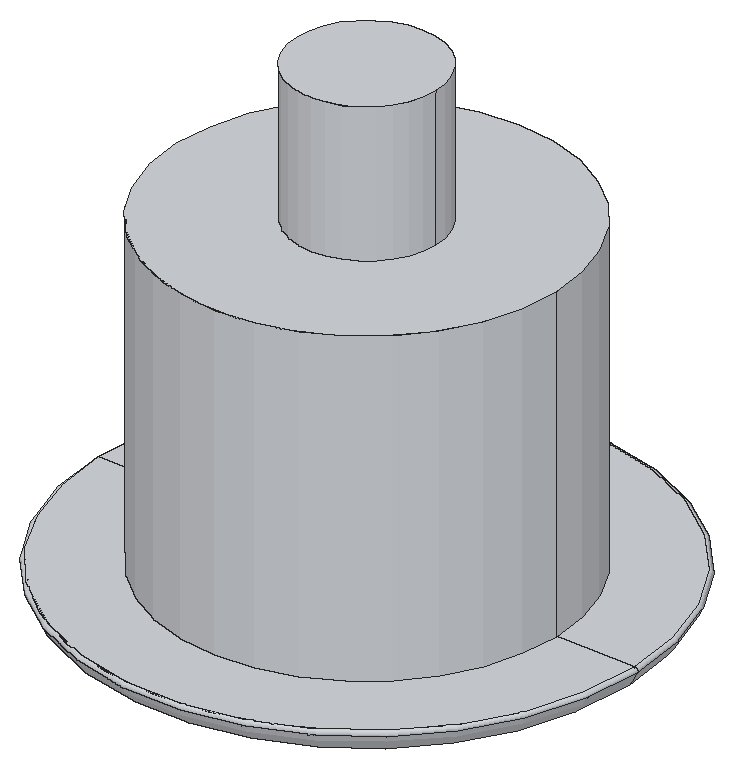
Revit family
Parameters (values of type "RASCO G4A CONCEALED")
  Temperature Rating = 165 °F
  Response = (empty or 0)
  RASCO SIN # = "R5415"
  RASCO Part # = "G4A1B"
  Pressure Rating = "175 PSI"
  Pressure Class = (empty or 0)
  Orifice Size = 1/2"
  Orifice = (empty or 0)
  Model = "G4A"
  Manufacturer = "RASCO"
  K-Factor = 5.6
  Description = "Concealed Pendent"
  Coverage = (empty or 0)
Reference planes (in)
  plane 1 "Center (Front/Back)": y = 0
  plane 2: z = 0
  plane 3 "Center (Left/Right)": x = 0
Nested families (in)
  nested 1: "G4A1B" at (-2.23561, -2.62342, 0), type "RASCO G4A CONCEALED"
Connectors (in)
  piping at (-2.23561, -2.62342, 2.90921)
    settings: on nested 1, index 1, connector radius 55/128", flow factor 0, pipe flow 0 GPM, pressure drop 0.00 psi, fitting loss kfactor 0, connector angle 0.00°, fixture units 0, flow configuration 0, flow direction 0, fitting loss method 0, system type 7, connector reference index -1, connector utility 0, adjustable connector no, is connector primary yes, fitting loss table "", connector description ""
Definition of nested family "G4A1B"
  Parameters (values of type "RASCO G4A CONCEALED")
    Type Comments = ""
    Temperature Rating = 0 °F
    Response = (empty or 0)
    Pressure Rating = "0"
    Pressure Class = (empty or 0)
    Orifice Size = 0"
    Orifice = (empty or 0)
    Model = ""
    Manufacturer = ""
    K-Factor = 0
    Coverage = (empty or 0)
    Assembly Code = ""
  Reference planes (in)
    plane 1 "Center (Front/Back)": y = 0
    plane 2: z = 0
    plane 3 "Center (Left/Right)": x = 0
    plane 4 "ref.2": z = 0.181
    plane 5 "ref.3": z = 2.151
  Forms (in)
    Extrusion 1, solid
      sketch origin (0, 0, 0.181) x (-1, 0, 0) y (0, -1, 0)
        loop
          circle (0, 0) r 1.158
      from 0 to 1.88665
    Extrusion 2, solid
      sketch origin (0, 0, 2.151) x (-1, 0, 0) y (0, -1, 0)
        loop
          circle (0, 0) r 0.423
      from -0.08335 to 0.75821
    Revolve 3, solid
      sketch origin (0, 0, 0) x (1, 0, 0) y (0, 0, 1)
        loop
          line (0, 0.181) -> (-1.63556, 0.181)
          arc (-1.63556, 0.181) -> (-1.65111, 0.17292) -> (-1.65344, 0.15556) r 0.01901
          arc (-1.65344, 0.15556) -> (-1.56742, 0.04278) -> (-1.43219, 0) r 0.23513
          line (-1.43219, 0) -> (0, 0) -> (0, 0.181)
        axis (0, 0.181) -> (0, 0)
      angle from 0 to 360
